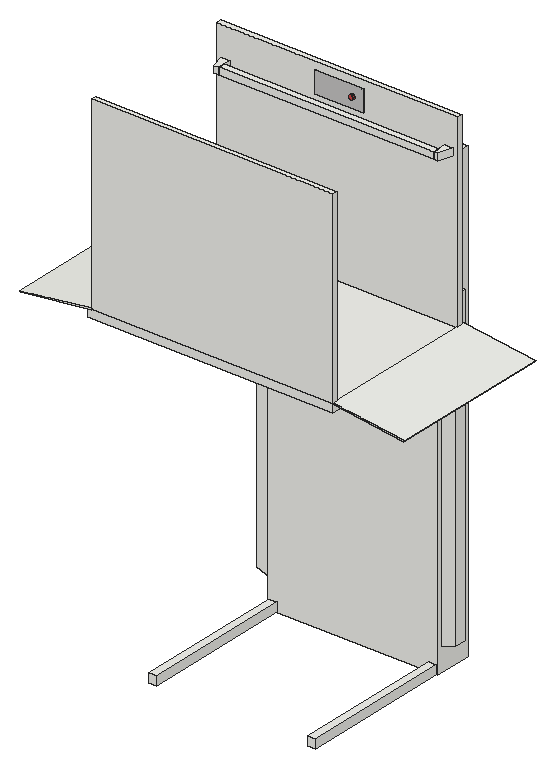
Revit family "Multilift_Savaria", category Specialty Equipment, Revit 2026
Family settings
  Round Connector Dimension = Use Diameter
  Part Type = Normal
  Classification Number = 23.50.05.11
  Work Plane-Based = No
  Enable Cutting in Views = No
  Always vertical = Yes
  Cut with Voids When Loaded = No
  Maintain Annotation Orientation = No
  Shared = No
  Room Calculation Point = No
Parameters
  Warranty Duration (Years) = 1
  Voltage_MEP [instance] = 120 V
  Unit Width = 0' - 0"
  Unit Depth = 0' - 0"
  URL = "http://www.savariaconcord.com/"
  Type Comments = ""
  Stops = 2
  Specification = "http://www.arcat.com/sdspecs/htm/14202sci.htm"
  SpecWizard = "http://www.arcat.com/specwizard/14202sci/index.htm?coid=31585&mf="
  Send Message = "http://www.arcat.com/users.pl?action=UserEmail&company=Savaria%20Concord&coid=31585&rep=119&fax=905-791-2222&mf="
  Sales Information = ""
  Right Door RH Swing [instance] = yes
  Product Properties = "http://www.arcat.com/bim/bim_info.pl?fn=SavariaConcord"
  Product Data = "http://www.arcat.com/arcatcos/cos31/arc31585.html"
  Pit Depth = 0' - 6 13/16"
  Overhead = 0' - 0"
  Model = "As Specified in 14 40 00"
  Mast Hight [instance] = if(Landing 2 Elevation > 4' 0", 8' 6", 6' 6")  # 8' - 6"
  Left Door RH Swing [instance] = yes
  Has Right Ramp [instance] = yes
  Has Right Door [instance] = no
  Has Left Ramp [instance] = yes
  Has Left Door [instance] = no
  Finish = Metal - Color As Specified
  Manufacturer's Notes = ""
  Manufacturer Website = "http://www.savariaconcord.com/"
  Manufacturer Phone - Toll Free = "800-661-5112 "
  Manufacturer Phone = "905-791-5555 "
  Manufacturer Fax = "905-791-2222"
  Manufacturer Address = "107 Alfred Kuehne Blvd., Brampton, ON, Canada L6T 4K3"
  Manufacturer = "Savaria Concord"
  Maintenance Schedule (Months) = 0
  MEP Apparent Power [instance] = Voltage_MEP * MEP Amperage  # 2400 VA
  MEP Amperage [instance] = 20 A
  Lift Travel Speed = ""
  Lift Operation = ""
  Lift Height = 0' - 0"
  Landing 2 Elevation [instance] = 6' - 0"
  Keynote = "14 40 00"
  Installation-Fabrication = ""
  Installation Phase = "Interior fixtures and fittings"
  Green Building-LEED = "http://www.arcat.com/green/clients/leed_data_31585.html"
  Expected Lifespan (Years) = 0
  Drawn By = "Robert S. Weygant, CSI, CDT, SCIP"
  Description = "Savaria Concord Hydraulic Passenger Elevator as Specified in 14 40 00"
  Default Elevation = 0' - 0"
  Copyright = "2010, ARCAT, Inc"
  Construction Details = "http://www.arcat.com/details/savaria/savaria.html?coid=31585"
  Capacity (Weight) = 1400.00 lbf
  Building Code Conformance = "[ASME A17.1; NFPA 70][CSA B44; CSA National Electrical Code]"
  Assembly Code = "D1010310"
  ADA Compliant = yes
Reference planes (in)
  plane 1 "Center (Front/Back)": y = 0
  plane 2 "FF": z = 0
  plane 3 "Center (Left/Right)": x = 0
  plane 4 "Landing 2": z = 72
Forms (in)
  Extrusion 1, solid, material "Metal - Color As Specified" <- "Finish"
    sketch origin (0, 0, 72) x (-1, 0, 0) y (0, -1, 0)
      loop
        line (27.80342, 17.8973) -> (-26.84595, 17.8973) -> (-26.84595, -17.8973) -> (-18.59699, -17.8973) -> (-18.59699, -21.21162) -> (18.59699, -21.21162) -> (18.59699, -17.8973) -> (27.80342, -17.8973) -> (27.80342, 17.8973)
    from 0.29461 to 1.98859
  Extrusion 2, solid, material "Metal - Color As Specified" <- "Finish"
    sketch origin (0, 0, 27) x (1, 0, 0) y (0, 0, 1)
      loop
        line (18.8916, 75) -> (-18.8916, 75) -> (-18.8916, -27) -> (18.8916, -27) -> (18.8916, 75)
    from -29.53423 to -21.21162
  Extrusion 3, solid, material "Metal - Color As Specified" <- "Finish"
    sketch origin (0, 0, 72) x (-1, 0, 0) y (0, -1, 0)
      loop
        line (26.84595, -17.8973) -> (26.84595, -16.8973) -> (-26.84595, -16.8973) -> (-26.84595, -17.8973) -> (26.84595, -17.8973)
      loop
        line (26.84595, 17.8973) -> (-26.84595, 17.8973) -> (-26.84595, 16.8973) -> (26.84595, 16.8973) -> (26.84595, 17.8973)
    from 1.98859 to 44.04357
  Extrusion 4, solid, material "Metal - Color As Specified" <- "Finish", visible <- "Has Right Ramp"
    sketch origin (0, 0, 0) x (1, 0, 0) y (0, 0, 1)
      loop
        line (26.88938, 74.32511) -> (26.85194, 74.03495) -> (42.75467, 72) -> (42.78995, 72.27342) -> (26.88938, 74.32511)
    from -18.56017 to 17.8973
  Extrusion 5, solid, material "Metal - Color As Specified" <- "Finish"
    sketch origin (0, 0, 0) x (1, 0, 0) y (0, 0, 1)
      loop
        line (18.59699, 1.98859) -> (16.90301, 1.98859) -> (16.90301, 0) -> (18.59699, 0) -> (18.59699, 1.98859)
      loop
        line (-18.59699, 1.98859) -> (-18.59699, 0) -> (-16.90301, 0) -> (-16.90301, 1.98859) -> (-18.59699, 1.98859)
    from -21.21162 to 12.32918
  Extrusion 6, solid, material "Metal - Color As Specified" <- "Finish", visible <- "Has Right Ramp"
    sketch origin (0, 0, -72) x (1, 0, 0) y (0, 0, 1)
      loop
        line (18.8916, 149.59375) -> (18.8916, 77.46862) -> (22.20591, 78.62863) -> (22.20591, 148.5166) -> (18.8916, 149.59375)
    from -24.5318 to -22.24274
  Extrusion 7, solid, material "Metal - Color As Specified" <- "Finish", visible <- "Has Left Ramp"
    sketch origin (0, 0, -72) x (-1, 0, 0) y (0, 0, -1)
      loop
        line (18.8916, -149.59375) -> (22.20591, -148.5166) -> (22.20591, -78.62863) -> (18.8916, -77.46862) -> (18.8916, -149.59375)
    from -24.5318 to -22.24274
  Extrusion 8, solid, material "Metal"
    sketch origin (-26.80342, 16.8973, 72) x (1, 0, 0) y (0, 0, 1)
      loop
        line (21.98947, 42.32269) -> (21.98947, 37.57269) -> (32.73947, 37.57269) -> (32.73947, 42.32269) -> (21.98947, 42.32269)
    from 0 to 0.125
  Extrusion 9, solid, material "Plastic - Red"
    sketch origin (-26.80342, 16.8973, 72) x (1, 0, 0) y (0, 0, 1)
      loop
        circle (30.31816, 39.98535) r 0.5
    from 0.125 to 0.52075
  Extrusion 10, solid, material "Metal - Color As Specified" <- "Finish", visible <- "Has Left Ramp"
    sketch origin (0, 0, 0) x (-1, 0, 0) y (0, 0, -1)
      loop
        line (26.88938, -74.32511) -> (42.78995, -72.27342) -> (42.75467, -72) -> (26.85194, -74.03495) -> (26.88938, -74.32511)
    from -18.56017 to 17.8973
Lines and regions (in)
  Split face 1
    outline origin (-26.54917, 16.7723, 71.69952) x (1, 0, 0) y (0, 0, 1)
      loop
        line (24.28702, 40.87931) -> (24.28702, 39.53197) -> (24.91202, 39.53197) -> (24.91202, 40.87931) -> (24.28702, 40.87931)
  Split face 2
    outline origin (-26.57229, 16.7723, 71.76886) x (1, 0, 0) y (0, 0, 1)
      loop
        circle (26.70309, 40.13826) r 0.25
Dimensions and locks (in)
  "Landing 2 Elevation": plane 4 "Landing 2" to level
  "Mast Hight": level to Extrusion 2
  aligned and locked: Extrusion 2 to level
  aligned and locked: plane 3 "Center (Left/Right)" to nested 3
  aligned and locked: Extrusion 3 to nested 3
Automatic sketch dimensions
  Extrusion 2 sketch curve to level = 0' - 0"
  Extrusion 2 sketch curve to plane 3 "Center (Left/Right)" = 1' - 6.8916"
  plane 3 "Center (Left/Right)" to Extrusion 2 sketch curve = 1' - 6.8916"
  plane 4 "Landing 2" to Extrusion 2 sketch curve = 2' - 6"
  Extrusion 4 sketch curve to plane 4 "Landing 2" = 0' - 0"
  plane 4 "Landing 2" to Extrusion 4 sketch curve = 0' - 2.03495"
  plane 3 "Center (Left/Right)" to Extrusion 4 sketch curve = 2' - 2.85194"
  plane 4 "Landing 2" to Extrusion 4 sketch curve = 0' - 2.32511"
  Extrusion 4 sketch curve to Extrusion 4 sketch curve = 0' - 0.03744"
  Extrusion 4 sketch curve to Extrusion 4 sketch curve = 1' - 3.90273"
  Extrusion 5 sketch curve to level = 0' - 0"  (x2)
  Extrusion 5 sketch curve to plane 3 "Center (Left/Right)" = 1' - 6.59699"
  Extrusion 5 sketch curve to Extrusion 5 sketch curve = 0' - 1.69398"  (x2)
  level to Extrusion 5 sketch curve = 0' - 1.98859"  (x2)
  plane 3 "Center (Left/Right)" to Extrusion 5 sketch curve = 1' - 4.90301"
  level to Extrusion 6 sketch curve = 0' - 5.46862"
  plane 3 "Center (Left/Right)" to Extrusion 6 sketch curve = 1' - 6.8916"
  Extrusion 6 sketch curve to Extrusion 6 sketch curve = 0' - 3.31432"
  Extrusion 6 sketch curve to Extrusion 6 sketch curve = 0' - 1.16001"
  plane 4 "Landing 2" to Extrusion 6 sketch curve = 0' - 4.5166"
  Extrusion 6 sketch curve to Extrusion 6 sketch curve = 0' - 1.07715"
  Extrusion 7 sketch curve to level = 0' - 5.46862"
  plane 3 "Center (Left/Right)" to Extrusion 7 sketch curve = 1' - 6.8916"
  Extrusion 7 sketch curve to Extrusion 7 sketch curve = 0' - 3.31432"
  Extrusion 7 sketch curve to Extrusion 7 sketch curve = 0' - 1.16001"
  Extrusion 7 sketch curve to plane 4 "Landing 2" = 0' - 4.5166"
  Extrusion 7 sketch curve to Extrusion 7 sketch curve = 0' - 1.07715"
  Extrusion 3 to Extrusion 8 sketch curve = 0' - 6.47088"
  Extrusion 8 sketch curve to Extrusion 8 sketch curve = 0' - 10 3/4"
  Extrusion 3 to Extrusion 8 sketch curve = 0' - 1.72088"
  Extrusion 3 to Extrusion 9 sketch curve = 0' - 4.05822"
  Extrusion 9 sketch curve to Extrusion 3 = 1' - 11.33122"
  Split face 1 sketch curve to Extrusion 8 = 0' - 2.5518"
  Split face 1 sketch curve to Split face 1 sketch curve = 0' - 0 5/8"
  Split face 1 sketch curve to Extrusion 8 = 0' - 1.65881"
  Split face 1 sketch curve to Split face 1 sketch curve = 0' - 1.34733"
  Split face 2 sketch curve to Extrusion 8 = 0' - 2.33444"
  Split face 2 sketch curve to Extrusion 8 = 0' - 4.94476"
  Extrusion 10 sketch curve to plane 4 "Landing 2" = 0' - 0"
  Extrusion 10 sketch curve to plane 4 "Landing 2" = 0' - 2.03495"
  plane 3 "Center (Left/Right)" to Extrusion 10 sketch curve = 2' - 2.85194"
  Extrusion 10 sketch curve to plane 4 "Landing 2" = 0' - 2.32511"
  Extrusion 10 sketch curve to Extrusion 10 sketch curve = 0' - 0.03744"
  Extrusion 10 sketch curve to Extrusion 10 sketch curve = 1' - 3.90273"
  plane 3 "Center (Left/Right)" to Extrusion 3 sketch curve = 2' - 2.84595"  (x2)
  Extrusion 3 sketch curve to plane 3 "Center (Left/Right)" = 2' - 2.84595"  (x2)
  Extrusion 3 sketch curve to plane 1 "Center (Front/Back)" = 1' - 5.8973"
  Extrusion 3 sketch curve to Extrusion 3 sketch curve = 0' - 1"  (x2)
  plane 1 "Center (Front/Back)" to Extrusion 3 sketch curve = 1' - 4.8973"
  Extrusion 8 sketch curve to Extrusion 3 = 1' - 10.032"
  plane 3 "Center (Left/Right)" to Extrusion 1 sketch curve = 2' - 2.84595"
  Extrusion 1 sketch curve to plane 3 "Center (Left/Right)" = 1' - 6.59699"
  Extrusion 1 sketch curve to plane 3 "Center (Left/Right)" = 2' - 3.80342"
  Extrusion 1 sketch curve to plane 1 "Center (Front/Back)" = 1' - 9.21162"
  Extrusion 1 sketch curve to Extrusion 1 sketch curve = 0' - 3.31432"  (x2)
  plane 1 "Center (Front/Back)" to Extrusion 1 sketch curve = 1' - 5.8973"
  Extrusion 1 sketch curve to Extrusion 1 sketch curve = 0' - 8.24896"
  radius of Extrusion 9 sketch curve = 0' - 0 1/2"
  radius of Split face 2 sketch curve = 0' - 0 1/4"
Nested families (in)
  nested 1: "Lift Door-Multilift" at (-26.34595, 0, 73.98859) x (0, -1, 0) z (0, 0, 1), Right Hand Swing <- "Left Door RH Swing", visible <- "Has Left Door", type "ByType"
    with Right Hand Swing yes, Left Hand Swing no
  nested 2: "Lift Door-Multilift" at (26.34595, 0, 73.98859) x (0, -1, 0) z (0, 0, 1), Right Hand Swing <- "Right Door RH Swing", visible <- "Has Right Door", type "ByType"
    with Right Hand Swing yes, Left Hand Swing no
  nested 3: "Grab Bar" at (0, 16.8973, 108), type "ByType"
Connectors (in)
  electrical at (0, 29.53423, 51), driven by "Voltage_MEP", driven by "MEP Apparent Power", driven by "Description"
    settings: on Extrusion 2, index 2, voltage 120 V, apparent load 0 VA, apparent load phase1 2400 VA, apparent load phase2 0 VA, apparent load phase3 0 VA, power factor 1, load classification "Power", number of poles 1, system type 31, power factor state 1, is connector primary yes, connector utility no, sub classification motor no, connector description "Savaria Concord Hydraulic Passenger Elevator as Specified in 14 40 00"
Definition of nested family "Lift Door-Multilift"
  Parameters
    Right Hand Swing [instance] = yes
    Left Hand Swing [instance] = not(Right Hand Swing)  # no
    Door Width = 2' - 9 203/256"
    Door Thickness = 0' - 1"
    Door Panel = none
    Door Height = 3' - 6"
    Default Elevation = 0' - 0"
    Assembly Code = ""
  Reference planes (in)
    plane 1 "Center (Front/Back)": y = 0
    plane 2: z = 0
    plane 3 "Center (Left/Right)": x = 0
    plane 4: x = 16.89648
    plane 5: x = -16.89648
    plane 6: z = 42
    plane 7: y = -0.5
    plane 8: y = 0.5
  Forms (in)
    Extrusion 1, solid, material <- "Door Panel"
      sketch origin (0, 0, 0) x (1, 0, 0) y (0, 1, 0)
        loop
          line (-16.89648, 0.5) -> (-16.89648, -0.5) -> (16.89648, -0.5) -> (16.89648, 0.5) -> (-16.89648, 0.5)
      from 0 to 42
  Lines and regions (in)
    symbolic lines, visible <- "Right Hand Swing"
      curve 1: line (-15.89648, -0.5, 0) -> (-16.89648, -0.5, 0)
      curve 2: line (-15.89648, -33.29297, 0) -> (-15.89648, -0.5, 0)
      curve 3: line (-16.89648, -33.29297, 0) -> (-15.89648, -33.29297, 0)
      curve 4: line (-16.89648, -0.5, 0) -> (-16.89648, -33.29297, 0)
      curve 5: arc (16.89648, 0.5, 0) -> (6.99875, -23.39524, 0) -> (-16.89648, -33.29297, 0) r 33.79297
    symbolic lines
      curve 6: line (16.89648, 0, 42) -> (-16.89648, 0, 21)
      curve 7: line (16.89648, 0, 0) -> (-16.89648, 0, 21)
    symbolic lines, visible <- "Left Hand Swing"
      curve 8: line (15.89648, -0.5, 0) -> (16.89648, -0.5, 0)
      curve 9: line (15.89648, -33.29297, 0) -> (15.89648, -0.5, 0)
      curve 10: line (16.89648, -33.29297, 0) -> (15.89648, -33.29297, 0)
      curve 11: line (16.89648, -0.5, 0) -> (16.89648, -33.29297, 0)
      curve 12: arc (-16.89648, 0.5, 0) -> (-6.99875, -23.39524, 0) -> (16.89648, -33.29297, 0) r 33.79297
  Dimensions and locks (in)
    equal spacing: plane 5, plane 3 "Center (Left/Right)", plane 4
    "Door Width": plane 5 to plane 4
    "Door Height": plane 6 to level
    equal spacing: plane 8, plane 1 "Center (Front/Back)", plane 7
    "Door Thickness": plane 8 to plane 7
    "Door Thickness": plane 5 to curve 2
    equal spacing: level, curve 7, plane 6
    "Door Thickness": curve 9 to plane 4
    aligned and locked: Extrusion 1 to level
    aligned and locked: plane 6 to Extrusion 1
  Automatic sketch dimensions
    curve 5 to plane 5 = 0' - 0"
    curve 12 to plane 5 = 0' - 0"
    curve 8 to plane 7 = 0' - 0"
    curve 8 to plane 4 = 0' - 0"
    curve 5 to plane 4 = 0' - 0"
    curve 2 to plane 7 = 0' - 0"
    curve 12 to plane 8 = 0' - 0"
    curve 5 to plane 8 = 0' - 0"
    Extrusion 1 sketch curve to plane 5 = 0' - 0"
    Extrusion 1 sketch curve to plane 4 = 0' - 0"
    Extrusion 1 sketch curve to plane 7 = 0' - 0"
    Extrusion 1 sketch curve to plane 8 = 0' - 0"
    curve 6 to plane 5 = 0' - 0"
    curve 7 to level = 0' - 0"
    curve 7 to plane 4 = 0' - 0"
    curve 6 to plane 4 = 0' - 0"
    curve 6 to plane 6 = 0' - 0"
Definition of nested family "Grab Bar"
  Parameters
    Material = none
    Default Elevation = 3' - 0"
  Reference planes (in)
    plane 1 "Center (Front/Back)": y = 0
    plane 2: z = 0
    plane 3 "Center (Left/Right)": x = 0
  Forms (in)
    Extrusion 1, solid, material <- "Material"
      sketch origin (0, 0, 0) x (1, 0, 0) y (0, 1, 0)
        loop
          line (-24, -3.125) -> (-24, 0) -> (-25.75, 0) -> (-24.91266, -3.125) -> (-24, -3.125)
        loop
          line (24, -3.125) -> (24.91266, -3.125) -> (25.75, 0) -> (24, 0) -> (24, -3.125)
      from 0 to 1.5
    Extrusion 2, solid, material <- "Material"
      sketch origin (0, 0, 0) x (0, 1, 0) y (0, 0, 1)
        loop
          line (-3.125, 1.5) -> (-3.125, 0) -> (-1.625, 0) -> (-1.625, 1.5) -> (-3.125, 1.5)
      from -24 to 24
